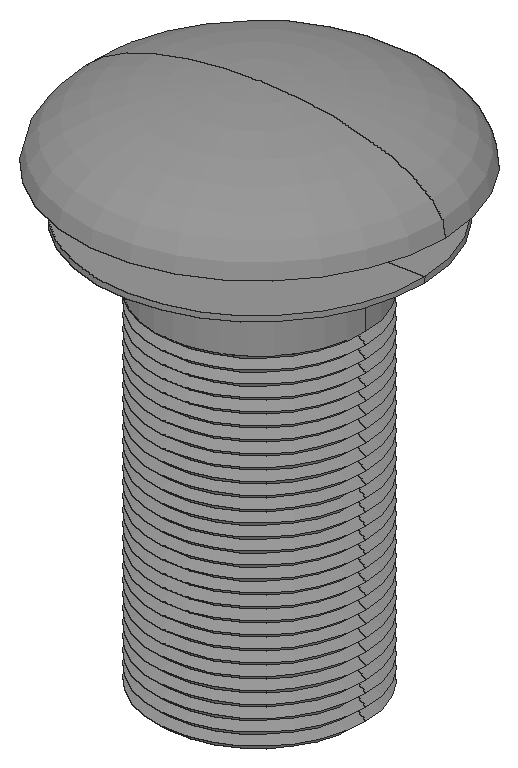
Revit family "BUILDMAT-Ceramic_Pop_Up_Waste", category Plumbing Fixtures, Revit 2026
Family settings
  Round Connector Dimension = Use Diameter
  Part Type = Normal
  Work Plane-Based = Yes
  Enable Cutting in Views = Yes
  Always vertical = Yes
  Cut with Voids When Loaded = Yes
  Maintain Annotation Orientation = No
  Shared = No
  Room Calculation Point = No
Parameters (values of type "MATTE WHITE (POPMTWHT)")
  Width = 70 mm
  PopUp_Material = BM_MATTE WHITE
  MainBody_Material = BM_STAINLESS STEEL
  Lock_Material = BM_BRASS GOLD
  Depth = 70 mm
  Default Elevation = 1219.2 mm
Types (9, lengths in mm): name | PopUp_Material
  (no name) | BM_MATTE WHITE
  MATTE BLACK (POPMBLK) | BM_MATTE BLACK
  MATTE WHITE (POPMTWHT) | BM_MATTE WHITE
  MATTE PINK (POPUPINK) | BM_MATTE PINK
  MATTE GREEN (POPGREEN) | BM_MATTE GREEN
  MATTE BLUE (POPUBLUE) | BM_MATTE BLUE
  MATTE ECRU SAND (POPUSAND) | BM_MATTE ECRU SAND
  MATTE GREY (POPUGREY) | BM_MATTE GREY
  GLOSS WHITE (POPGLWHT) | BM_GLOSS WHITE
Reference planes
  plane 1 "Center (Front/Back)": y = 0
  plane 2: z = 0
  plane 3 "Center (Left/Right)": x = 0
  plane 4: z = 1
  plane 5: z = -5
  plane 6: z = -12
  plane 7: z = -78.68
  plane 8: z = 6
  plane 9: z = 9
  plane 10: z = 22.977
  plane 11: x = 35
  plane 12: x = -35
  plane 13: y = 35
  plane 14: y = -35
Forms (mm)
  Revolve 1, solid, material "BM_STAINLESS STEEL" <- "MainBody_Material"
    sketch origin (0, 0, -0.397) x (1, 0, 0) y (0, 0, 1)
      loop
        line (0, 1.248) -> (0, -11.603) -> (-20.005, -11.603) -> (-20.005, -3.848)
        arc (-20.005, -3.848) -> (-20.487, -2.811) -> (-21.458, -2.207) r 2
        line (-21.458, -2.207) -> (-31.017, 0.397) -> (-31.017, 1.397) -> (0, 1.397)
      axis (0, 1.397) -> (0, -11.603)
    angle from 0 to 360
  Revolve 2, solid, material "BM_STAINLESS STEEL" <- "MainBody_Material"
    sketch origin (0, 0, -4.369) x (1, 0, 0) y (0, 0, 1)
      loop
        line (0, -7.631) -> (-19.969, -7.631) -> (-18.48, -8.794) -> (-19.975, -9.962) -> (-18.48, -11.131) -> (-19.975, -12.299) -> (-18.48, -13.467) -> (-19.975, -14.635) -> (-18.48, -15.803) -> (-19.975, -16.971) -> (-18.48, -18.139) -> (-19.975, -19.308) -> (-18.48, -20.476) -> (-19.975, -21.644) -> (-18.48, -22.812) -> (-19.975, -23.98) -> (-18.48, -25.148) -> (-19.975, -26.316) -> (-18.48, -27.485) -> (-19.975, -28.653) -> (-18.48, -29.821) -> (-19.975, -30.989) -> (-18.48, -32.157) -> (-19.975, -33.325) -> (-18.48, -34.493) -> (-19.975, -35.662) -> (-18.48, -36.83) -> (-19.975, -37.998) -> (-18.48, -39.166) -> (-19.975, -40.334) -> (-18.48, -41.502) -> (-19.975, -42.67) -> (-18.48, -43.839) -> (-19.975, -45.007) -> (-18.48, -46.175) -> (-19.975, -47.343) -> (-18.48, -48.511) -> (-19.975, -49.679) -> (-18.48, -50.847) -> (-19.975, -52.016) -> (-18.48, -53.184) -> (-19.975, -54.352) -> (-18.48, -55.52) -> (-19.975, -56.688) -> (-18.48, -57.856) -> (-19.975, -59.024) -> (-18.48, -60.193) -> (-19.975, -61.361) -> (-18.48, -62.529) -> (-19.975, -63.697) -> (-18.48, -64.865) -> (-19.975, -66.033) -> (-18.48, -67.201) -> (-19.975, -68.369) -> (-18.48, -69.538) -> (-19.975, -70.706) -> (-18.48, -71.874) -> (-19.975, -73.042) -> (-18.351, -74.311) -> (0, -74.311) -> (0, -7.631)
      axis (0, -7.631) -> (0, -74.311)
    angle from 0 to 360
  Extrusion 3, solid, material "BM_BRASS GOLD" <- "Lock_Material"
    sketch origin (0, 0, 0) x (1, 0, 0) y (0, 1, 0)
      loop
        circle (0, 0) r 14.5
    from 1 to 6
  Revolve 4, solid, material "BM_MATTE WHITE" <- "PopUp_Material"
    sketch origin (0, 0, 8.488) x (1, 0, 0) y (0, 0, 1)
      loop
        arc (-19.017, 0.512) -> (-18.008, -0.858) -> (-17.517, -2.488) r 5
        line (-17.517, -2.488) -> (0, -2.488) -> (0, 0.512) -> (0, 14.512)
        spline (0, 14.512) -> (-4.569, 14.392) -> (-9.06, 14.034) -> (-13.395, 13.445) -> (-17.501, 12.635) -> (-21.308, 11.617) -> (-24.75, 10.41) -> (-27.768, 9.033) -> (-30.311, 7.51) -> (-32.336, 5.868) -> (-33.808, 4.135) -> (-34.701, 2.339) -> (-35, 0.512)
        line (-35, 0.512) -> (-19.017, 0.512)
      axis (0, 14.512) -> (0, -2.488)
    angle from 0 to 360
Text (mm)
  text "Refer to www.buildmat.com.au for the most current product literature. \nAllow a +/- 5mm tolerance for dimensions shown in the product literature. \nPlease note product details are subject to change due to ongoing product development." at (-1.255, -131.559, 0), in view "Ref. Level"
Dimensions and locks
  plane 4 to plane 7 = 79.68 mm
  "Depth": plane 13 to plane 14
  equal spacing: plane 13, plane 1 "Center (Front/Back)", plane 14
  "Width": plane 12 to plane 11
  equal spacing: plane 12, plane 3 "Center (Left/Right)", plane 11
  aligned and locked: level to plane 2
Automatic sketch dimensions
  Revolve 1 sketch curve to level = 0 mm
  Revolve 1 sketch curve to plane 4 = 0 mm
  Revolve 1 sketch curve to plane 6 = 0 mm  (x2)
  Revolve 1 sketch curve to plane 3 "Center (Left/Right)" = 0 mm  (x3)
  plane 5 to Revolve 1 sketch curve = 0.755 mm
  plane 12 to Revolve 1 sketch curve = 14.995 mm
  plane 5 to Revolve 1 sketch curve = 2.396 mm
  Revolve 1 sketch curve to Revolve 1 sketch curve = 1.453 mm
  plane 5 to Revolve 1 sketch curve = 0.466 mm
  plane 12 to Revolve 1 sketch curve = 3.983 mm
  Revolve 1 sketch curve to Revolve 1 sketch curve = 0.149 mm
  plane 4 to Revolve 1 sketch curve = 0.245 mm
  Revolve 2 sketch curve to plane 6 = 0 mm
  Revolve 2 sketch curve to plane 7 = 0 mm
  Revolve 2 sketch curve to plane 3 "Center (Left/Right)" = 0 mm  (x2)
  plane 12 to Revolve 2 sketch curve = 16.649 mm
  plane 12 to Revolve 2 sketch curve = 16.52 mm
  Revolve 2 sketch curve to Revolve 2 sketch curve = 0.129 mm
  Revolve 2 sketch curve to Revolve 2 sketch curve = 0 mm  (x26)
  plane 7 to Revolve 2 sketch curve = 7.11 mm
  plane 7 to Revolve 2 sketch curve = 4.773 mm
  plane 7 to Revolve 2 sketch curve = 2.437 mm
  Revolve 2 sketch curve to plane 6 = 1.163 mm
  Revolve 2 sketch curve to plane 6 = 3.499 mm
  Revolve 2 sketch curve to plane 6 = 5.836 mm
  Revolve 2 sketch curve to plane 6 = 8.172 mm
  Revolve 2 sketch curve to Revolve 2 sketch curve = 1.489 mm
  Revolve 2 sketch curve to Revolve 2 sketch curve = 1.495 mm  (x28)
  Revolve 2 sketch curve to plane 6 = 7.004 mm
  Revolve 2 sketch curve to plane 6 = 4.667 mm
  Revolve 2 sketch curve to plane 6 = 2.331 mm
  plane 7 to Revolve 2 sketch curve = 3.605 mm
  plane 7 to Revolve 2 sketch curve = 5.941 mm
  plane 7 to Revolve 2 sketch curve = 1.269 mm
  Revolve 2 sketch curve to Revolve 2 sketch curve = 1.168 mm  (x43)
  Revolve 2 sketch curve to Revolve 2 sketch curve = 0.1 mm
  Revolve 2 sketch curve to Revolve 2 sketch curve = 0.211 mm
  plane 1 "Center (Front/Back)" to Extrusion 3 sketch curve = 0 mm
  Extrusion 3 sketch curve to plane 3 "Center (Left/Right)" = 0 mm
  Revolve 4 sketch curve to plane 9 = 0 mm  (x2)
  Revolve 4 sketch curve to plane 12 = 0 mm
  Revolve 4 sketch curve to plane 8 = 0 mm
  Revolve 4 sketch curve to plane 3 "Center (Left/Right)" = 0 mm  (x2)
  Revolve 4 sketch curve to plane 8 = 0.607 mm
  plane 12 to Revolve 4 sketch curve = 12.52 mm
  Revolve 4 sketch curve to Revolve 4 sketch curve = 3.463 mm
  plane 10 to Revolve 4 sketch curve = 0.023 mm
  Revolve 4 sketch curve to Revolve 4 sketch curve = 0.017 mm
  Revolve 4 sketch curve to Revolve 4 sketch curve = 0.512 mm
  Revolve 4 sketch curve to Revolve 4 sketch curve = 0.001 mm
  radius of Extrusion 3 sketch curve = 14.5 mm
